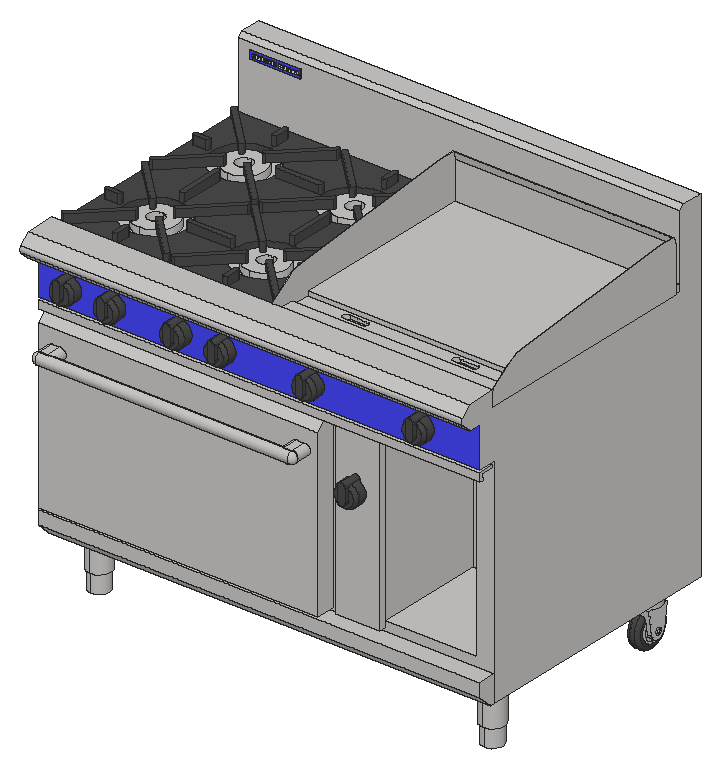
Revit family "QF_MOFFAT_BLUESEAL_CE_G58B", category Specialty Equipment, Revit 2012 (continued)
Automatic sketch dimensions
  plane 17 to curve 95 = 3.815 mm
  plane 17 to curve 87 = 3.815 mm
  plane 17 to curve 77 = 3.815 mm
  Extrusion 1 sketch curve to plane 22 = 0 mm
  Extrusion 1 sketch curve to plane 21 = 0 mm
  Extrusion 1 sketch curve to plane 1 "BACK" = 0 mm
  plane 22 to Extrusion 1 sketch curve = 2.93 mm
  plane 22 to Extrusion 1 sketch curve = 8.071 mm
  plane 22 to Extrusion 1 sketch curve = 35.224 mm
  Extrusion 1 sketch curve to Extrusion 1 sketch curve = 2.389 mm
  plane 22 to Extrusion 1 sketch curve = 44 mm  (x2)
  Extrusion 1 sketch curve to Extrusion 1 sketch curve = 8.776 mm
  Extrusion 1 sketch curve to plane 5 "FRONT" = 28.03 mm
  Extrusion 1 sketch curve to plane 5 "FRONT" = 27.03 mm
  Extrusion 1 sketch curve to plane 5 "FRONT" = 11.991 mm
  Extrusion 1 sketch curve to plane 5 "FRONT" = 3.51 mm  (x2)
  Extrusion 1 sketch curve to plane 22 = 1.8 mm
  Extrusion 1 sketch curve to Extrusion 1 sketch curve = 4.2 mm
  Extrusion 1 sketch curve to plane 21 = 12.5 mm
  Extrusion 1 sketch curve to plane 17 = 38 mm
  Extrusion 1 sketch curve to Extrusion 1 sketch curve = 12.5 mm
  Extrusion 1 sketch curve to Extrusion 1 sketch curve = 41.48 mm
  Extrusion 1 sketch curve to Extrusion 1 sketch curve = 23.52 mm
  plane 18 to Extrusion 1 sketch curve = 85 mm
  Extrusion 1 sketch curve to Extrusion 1 sketch curve = 5.997 mm
  Extrusion 1 sketch curve to Extrusion 1 sketch curve = 7.004 mm
  Extrusion 1 sketch curve to Extrusion 1 sketch curve = 16.999 mm
  level to Extrusion 1 sketch curve = 222.5 mm
  Extrusion 1 sketch curve to Extrusion 1 sketch curve = 36.5 mm
  Extrusion 1 sketch curve to Extrusion 1 sketch curve = 35.929 mm
  level to Extrusion 1 sketch curve = 150 mm
  Extrusion 1 sketch curve to Extrusion 1 sketch curve = 8.48 mm
  plane 22 to Extrusion 2 sketch curve = 44 mm
  plane 22 to Extrusion 2 sketch curve = 20 mm
  Extrusion 2 sketch curve to plane 22 = 6 mm
  level to Extrusion 2 sketch curve = 227.5 mm
  plane 18 to Extrusion 2 sketch curve = 21 mm
  plane 18 to Extrusion 2 sketch curve = 45 mm
  plane 22 to Extrusion 3 sketch curve = 9 mm
  Extrusion 3 sketch curve to plane 22 = 6 mm
  level to Extrusion 3 sketch curve = 227.5 mm
  plane 18 to Extrusion 3 sketch curve = 45 mm
  Revolve 4 sketch curve to level = 0 mm
  Revolve 4 sketch curve to plane 22 = 48.25 mm
  Revolve 4 sketch curve to Revolve 4 sketch curve = 4.25 mm
  Revolve 4 sketch curve to Revolve 4 sketch curve = 27.5 mm  (x2)
  level to Revolve 4 sketch curve = 50 mm
  Revolve 4 sketch curve to Revolve 4 sketch curve = 0 mm
  Revolve 4 sketch curve to Revolve 4 sketch curve = 100 mm
  Revolve 4 sketch curve to Revolve 4 sketch curve = 55 mm
  Revolve 5 sketch curve to level = 0 mm
  Revolve 5 sketch curve to plane 22 = 48.25 mm
  Revolve 5 sketch curve to Revolve 5 sketch curve = 4.25 mm
  Revolve 5 sketch curve to Revolve 5 sketch curve = 27.5 mm  (x2)
  Revolve 5 sketch curve to level = 55 mm
  Revolve 5 sketch curve to Revolve 5 sketch curve = 50 mm
  Revolve 5 sketch curve to Revolve 5 sketch curve = 0 mm
  Revolve 5 sketch curve to Revolve 5 sketch curve = 100 mm
  Extrusion 6 sketch curve to plane 17 = 0 mm
  plane 18 to Extrusion 7 sketch curve = 21 mm
  level to Extrusion 7 sketch curve = 246 mm
  plane 16 to Extrusion 7 sketch curve = 15.5 mm
  Extrusion 8 sketch curve to plane 7 "Center Y" = 0 mm
  plane 22 to Extrusion 8 sketch curve = 0 mm
  Extrusion 8 sketch curve to plane 22 = 3 mm  (x2)
  plane 10 to Extrusion 8 sketch curve = 36.504 mm  (x2)
  plane 12 to Extrusion 8 sketch curve = 67.472 mm  (x2)
  Extrusion 8 sketch curve to plane 17 = 42 mm  (x2)
  plane 3 "LEFT" to Extrusion 8 sketch curve = 4 mm
  plane 14 to Extrusion 8 sketch curve = 76 mm  (x2)
  Extrusion 8 sketch curve to plane 7 "Center Y" = 150 mm  (x2)
  Extrusion 9 sketch curve to plane 17 = 61.602 mm  (x3)
  plane 9 to Extrusion 9 sketch curve = 4.847 mm  (x4)
  Extrusion 9 sketch curve to Extrusion 9 sketch curve = 0 mm  (x8)
  Extrusion 9 sketch curve to plane 7 "Center Y" = 15.153 mm  (x3)
  plane 3 "LEFT" to Extrusion 9 sketch curve = 15.153 mm
  Extrusion 9 sketch curve to Extrusion 9 sketch curve = 4.525 mm  (x24)
  Extrusion 9 sketch curve to plane 17 = 67.398 mm  (x2)
  Extrusion 9 sketch curve to Extrusion 9 sketch curve = 36.204 mm  (x2)
  Extrusion 9 sketch curve to Extrusion 9 sketch curve = 65.923 mm  (x2)
  plane 3 "LEFT" to Extrusion 9 sketch curve = 16.591 mm  (x2)
  plane 12 to Extrusion 9 sketch curve = 74.863 mm
  Extrusion 9 sketch curve to plane 7 "Center Y" = 7.896 mm  (x2)
  plane 12 to Extrusion 9 sketch curve = 73.872 mm
  Extrusion 9 sketch curve to Extrusion 9 sketch curve = 20.524 mm  (x5)
  Extrusion 9 sketch curve to Extrusion 9 sketch curve = 6.4 mm  (x12)
  plane 12 to Extrusion 9 sketch curve = 40.548 mm  (x4)
  Extrusion 9 sketch curve to plane 12 = 24.426 mm  (x2)
  Extrusion 9 sketch curve to plane 13 = 7.374 mm  (x4)
  plane 8 "Center X" to Extrusion 9 sketch curve = 8.898 mm  (x4)
  plane 8 "Center X" to Extrusion 9 sketch curve = 4.372 mm  (x4)
  Extrusion 9 sketch curve to plane 8 "Center X" = 43.102 mm  (x2)
  Extrusion 9 sketch curve to Extrusion 9 sketch curve = 55.923 mm  (x4)
  plane 10 to Extrusion 9 sketch curve = 43.646 mm
  plane 10 to Extrusion 9 sketch curve = 43.172 mm  (x2)
  plane 10 to Extrusion 9 sketch curve = 9.848 mm  (x4)
  plane 10 to Extrusion 9 sketch curve = 5.323 mm  (x4)
  Extrusion 9 sketch curve to plane 10 = 65.126 mm  (x2)
  Extrusion 9 sketch curve to plane 22 = 32.653 mm  (x3)
  plane 3 "LEFT" to Extrusion 9 sketch curve = 6.102 mm  (x3)
  Extrusion 9 sketch curve to plane 7 "Center Y" = 6.102 mm
  Extrusion 9 sketch curve to plane 22 = 29.398 mm  (x2)
  Extrusion 9 sketch curve to plane 11 = 9.416 mm  (x2)
  plane 14 to Extrusion 9 sketch curve = 40.025 mm  (x4)
  plane 14 to Extrusion 9 sketch curve = 69.6 mm  (x2)
  Extrusion 9 sketch curve to Extrusion 9 sketch curve = 53.847 mm  (x8)
  Extrusion 9 sketch curve to plane 9 = 38.102 mm  (x2)
  Extrusion 9 sketch curve to Extrusion 9 sketch curve = 12.205 mm  (x4)
  plane 9 to Extrusion 9 sketch curve = 78.102 mm  (x2)
  Extrusion 9 sketch curve to Extrusion 9 sketch curve = 49.974 mm  (x2)
  Revolve 10 sketch curve to plane 5 "FRONT" = 19 mm
  Revolve 10 sketch curve to Revolve 10 sketch curve = 0 mm  (x2)
  Revolve 10 sketch curve to Revolve 10 sketch curve = 11 mm
  Revolve 10 sketch curve to Revolve 10 sketch curve = 12.7 mm
  Revolve 10 sketch curve to Revolve 10 sketch curve = 23 mm
  Revolve 10 sketch curve to Revolve 10 sketch curve = 10 mm
  plane 18 to Revolve 10 sketch curve = 141.882 mm
  Revolve 10 sketch curve to Revolve 10 sketch curve = 5 mm
  Revolve 10 sketch curve to Revolve 10 sketch curve = 26.651 mm
  Revolve 10 sketch curve to Revolve 10 sketch curve = 5.849 mm
  Revolve 11 sketch curve to plane 5 "FRONT" = 19 mm
  Revolve 11 sketch curve to Revolve 11 sketch curve = 0 mm  (x2)
  Revolve 11 sketch curve to Revolve 11 sketch curve = 11 mm
  Revolve 11 sketch curve to Revolve 11 sketch curve = 12.7 mm
  Revolve 11 sketch curve to Revolve 11 sketch curve = 23 mm
  Revolve 11 sketch curve to Revolve 11 sketch curve = 10 mm
  Revolve 11 sketch curve to plane 6 "TOP" = 140.618 mm
  Revolve 11 sketch curve to Revolve 11 sketch curve = 5.849 mm
  Revolve 11 sketch curve to Revolve 11 sketch curve = 27.5 mm
  Revolve 11 sketch curve to Revolve 11 sketch curve = 5 mm
  Revolve 12 sketch curve to plane 5 "FRONT" = 19 mm
  Revolve 12 sketch curve to Revolve 12 sketch curve = 0 mm  (x2)
  Revolve 12 sketch curve to Revolve 12 sketch curve = 11 mm
  Revolve 12 sketch curve to Revolve 12 sketch curve = 12.7 mm
  Revolve 12 sketch curve to Revolve 12 sketch curve = 23 mm
  Revolve 12 sketch curve to Revolve 12 sketch curve = 10 mm
  Revolve 12 sketch curve to plane 6 "TOP" = 140.618 mm
  Revolve 12 sketch curve to Revolve 12 sketch curve = 5.849 mm
  Revolve 12 sketch curve to Revolve 12 sketch curve = 27.5 mm
  Revolve 12 sketch curve to Revolve 12 sketch curve = 5 mm
  Revolve 13 sketch curve to plane 5 "FRONT" = 19 mm
  Revolve 13 sketch curve to Revolve 13 sketch curve = 0 mm  (x2)
  Revolve 13 sketch curve to Revolve 13 sketch curve = 11 mm
  Revolve 13 sketch curve to Revolve 13 sketch curve = 12.7 mm
  Revolve 13 sketch curve to Revolve 13 sketch curve = 23 mm
  Revolve 13 sketch curve to Revolve 13 sketch curve = 10 mm
  Revolve 13 sketch curve to plane 6 "TOP" = 140.618 mm
  Revolve 13 sketch curve to Revolve 13 sketch curve = 5.849 mm
  Revolve 13 sketch curve to Revolve 13 sketch curve = 27.5 mm
  Revolve 13 sketch curve to Revolve 13 sketch curve = 5 mm
  Revolve 14 sketch curve to plane 5 "FRONT" = 19 mm
  Revolve 14 sketch curve to Revolve 14 sketch curve = 0 mm  (x2)
  Revolve 14 sketch curve to Revolve 14 sketch curve = 11 mm
  Revolve 14 sketch curve to Revolve 14 sketch curve = 12.7 mm
  Revolve 14 sketch curve to Revolve 14 sketch curve = 23 mm
  Revolve 14 sketch curve to Revolve 14 sketch curve = 10 mm
  Revolve 14 sketch curve to plane 6 "TOP" = 140.618 mm
  Revolve 14 sketch curve to Revolve 14 sketch curve = 5.849 mm
  Revolve 14 sketch curve to Revolve 14 sketch curve = 27.5 mm
  Revolve 14 sketch curve to Revolve 14 sketch curve = 5 mm
  plane 14 to Extrusion 15 sketch curve = 26.156 mm
  Extrusion 15 sketch curve to Extrusion 15 sketch curve = 10 mm
  Extrusion 15 sketch curve to plane 6 "TOP" = 146.118 mm
  Extrusion 15 sketch curve to Extrusion 15 sketch curve = 35 mm
  Extrusion 16 sketch curve to plane 9 = 59.844 mm
  Extrusion 16 sketch curve to Extrusion 16 sketch curve = 10 mm
  Extrusion 16 sketch curve to plane 6 "TOP" = 146.118 mm
  Extrusion 16 sketch curve to Extrusion 16 sketch curve = 35 mm
  plane 9 to Extrusion 17 sketch curve = 120.132 mm
  Extrusion 17 sketch curve to Extrusion 17 sketch curve = 10 mm
  Extrusion 17 sketch curve to plane 6 "TOP" = 146.118 mm
  Extrusion 17 sketch curve to Extrusion 17 sketch curve = 35 mm
  Extrusion 18 sketch curve to plane 7 "Center Y" = 79.868 mm
  Extrusion 18 sketch curve to Extrusion 18 sketch curve = 10 mm
  Extrusion 18 sketch curve to plane 6 "TOP" = 146.118 mm
  Extrusion 18 sketch curve to Extrusion 18 sketch curve = 35 mm
  Extrusion 19 sketch curve to plane 6 "TOP" = 146.118 mm
  Extrusion 19 sketch curve to Extrusion 19 sketch curve = 35 mm
  plane 22 to Revolve 20 sketch curve = 53 mm
  Revolve 20 sketch curve to Revolve 20 sketch curve = 0 mm  (x2)
  Revolve 20 sketch curve to Revolve 20 sketch curve = 11 mm
  Revolve 20 sketch curve to Revolve 20 sketch curve = 12.7 mm
  plane 22 to Revolve 20 sketch curve = 19 mm
  plane 22 to Revolve 20 sketch curve = 9 mm
  Revolve 20 sketch curve to plane 18 = 104.368 mm
  Revolve 20 sketch curve to Revolve 20 sketch curve = 5 mm
  Revolve 20 sketch curve to Revolve 20 sketch curve = 26.651 mm
  Revolve 20 sketch curve to Revolve 20 sketch curve = 5.849 mm
  Extrusion 21 sketch curve to Extrusion 21 sketch curve = 10 mm
  Extrusion 21 sketch curve to plane 18 = 112.368 mm
  Extrusion 21 sketch curve to Extrusion 21 sketch curve = 35 mm
  Extrusion 22 sketch curve to Extrusion 2 = 0 mm  (x2)
  Extrusion 22 sketch curve to Extrusion 22 sketch curve = 469.847 mm
  Extrusion 23 sketch curve to plane 16 = 0.512 mm
  Extrusion 23 sketch curve to plane 17 = 6.76 mm
  Extrusion 23 sketch curve to plane 1 "BACK" = 30.24 mm
  Extrusion 23 sketch curve to plane 17 = 55.26 mm
  Extrusion 24 sketch curve to plane 11 = 1.472 mm
  Extrusion 24 sketch curve to plane 18 = 46.875 mm  (x2)
  Extrusion 24 sketch curve to Extrusion 24 sketch curve = 15 mm  (x2)
  Extrusion 24 sketch curve to Extrusion 24 sketch curve = 20.282 mm  (x2)
  Revolve 25 sketch curve to plane 3 "LEFT" = 6.961 mm
  plane 3 "LEFT" to Revolve 25 sketch curve = 23.246 mm
  Revolve 25 sketch curve to plane 18 = 16.875 mm
  Revolve 25 sketch curve to Revolve 25 sketch curve = 15 mm
  Revolve 25 sketch curve to plane 7 "Center Y" = 11.961 mm
  Revolve 25 sketch curve to Revolve 25 sketch curve = 0 mm
  Extrusion 26 sketch curve to Extrusion 26 sketch curve = 0 mm  (x8)
  plane 12 to Extrusion 26 sketch curve = 67.472 mm  (x2)
  plane 10 to Extrusion 26 sketch curve = 36.772 mm  (x2)
  plane 14 to Extrusion 26 sketch curve = 76 mm  (x2)
  Extrusion 26 sketch curve to plane 7 "Center Y" = 150 mm  (x2)
  Split face 1 sketch curve to cut or joined group of Extrusion 1, Extrusion 7, Extrusion 23 = 27.315 mm
  Split face 1 sketch curve to cut or joined group of Extrusion 1, Extrusion 7, Extrusion 23 = 273.455 mm
  Split face 1 sketch curve to cut or joined group of Extrusion 1, Extrusion 7, Extrusion 23 = 23.185 mm
  Split face 1 sketch curve to Split face 1 sketch curve = 4.041 mm  (x4)
  Split face 1 sketch curve to Split face 1 sketch curve = 8.66 mm  (x2)
  Split face 1 sketch curve to cut or joined group of Extrusion 1, Extrusion 7, Extrusion 23 = 22.315 mm
  Split face 1 sketch curve to cut or joined group of Extrusion 1, Extrusion 7, Extrusion 23 = 36.836 mm
  Split face 1 sketch curve to Split face 1 sketch curve = 17 mm
  Split face 1 sketch curve to Split face 1 sketch curve = 7 mm  (x2)
  Split face 2 sketch curve to cut or joined group of Extrusion 1, Extrusion 7, Extrusion 23 = 27.315 mm
  Split face 2 sketch curve to cut or joined group of Extrusion 1, Extrusion 7, Extrusion 23 = 573.455 mm
  Split face 2 sketch curve to cut or joined group of Extrusion 1, Extrusion 7, Extrusion 23 = 23.185 mm
  Split face 2 sketch curve to Split face 2 sketch curve = 4.041 mm  (x4)
  Split face 2 sketch curve to Split face 2 sketch curve = 8.66 mm  (x2)
  Split face 2 sketch curve to cut or joined group of Extrusion 1, Extrusion 7, Extrusion 23 = 22.315 mm
  Split face 2 sketch curve to Split face 2 sketch curve = 223.917 mm
  Split face 2 sketch curve to cut or joined group of Extrusion 1, Extrusion 7, Extrusion 23 = 17.315 mm
  Split face 2 sketch curve to Split face 2 sketch curve = 17 mm
  Split face 2 sketch curve to Split face 2 sketch curve = 7 mm
  Split face 3 sketch curve to cut or joined group of Extrusion 1, Extrusion 7, Extrusion 23 = 27.315 mm
  Split face 3 sketch curve to cut or joined group of Extrusion 1, Extrusion 7, Extrusion 23 = 326.545 mm
  Split face 3 sketch curve to cut or joined group of Extrusion 1, Extrusion 7, Extrusion 23 = 23.185 mm
  Split face 3 sketch curve to Split face 3 sketch curve = 4.041 mm  (x4)
  Split face 3 sketch curve to Split face 3 sketch curve = 8.66 mm  (x2)
  Split face 3 sketch curve to cut or joined group of Extrusion 1, Extrusion 7, Extrusion 23 = 22.315 mm
  Split face 3 sketch curve to Split face 3 sketch curve = 223.917 mm
  Split face 3 sketch curve to cut or joined group of Extrusion 1, Extrusion 7, Extrusion 23 = 17.315 mm
  Split face 3 sketch curve to Split face 3 sketch curve = 17 mm
  Split face 3 sketch curve to Split face 3 sketch curve = 7 mm
  Split face 4 sketch curve to cut or joined group of Extrusion 1, Extrusion 7, Extrusion 23 = 26.545 mm
  Split face 4 sketch curve to Split face 4 sketch curve = 4.041 mm  (x4)
  Split face 4 sketch curve to Split face 4 sketch curve = 8.66 mm  (x2)
  Split face 4 sketch curve to cut or joined group of Extrusion 1, Extrusion 7, Extrusion 23 = 22.315 mm
  Split face 4 sketch curve to Split face 4 sketch curve = 223.917 mm
  Split face 4 sketch curve to cut or joined group of Extrusion 1, Extrusion 7, Extrusion 23 = 17.315 mm
  Split face 4 sketch curve to Split face 4 sketch curve = 10 mm
  Split face 4 sketch curve to Split face 4 sketch curve = 7 mm  (x3)
  Extrusion 28 sketch curve to plane 17 = 99.75 mm
  Extrusion 28 sketch curve to Extrusion 28 sketch curve = 12.357 mm
  Extrusion 28 sketch curve to Extrusion 28 sketch curve = 19.393 mm  (x2)
  level to Extrusion 28 sketch curve = 45.111 mm
  Extrusion 28 sketch curve to plane 17 = 36.25 mm
  Extrusion 28 sketch curve to Extrusion 28 sketch curve = 4.889 mm
  Extrusion 28 sketch curve to Extrusion 28 sketch curve = 64.889 mm
  Revolve 29 sketch curve to plane 17 = 103.75 mm
  Revolve 29 sketch curve to plane 17 = 68 mm
  Revolve 29 sketch curve to Revolve 29 sketch curve = 35.75 mm
  Revolve 29 sketch curve to level = 55 mm
  level to Revolve 29 sketch curve = 50 mm
  Revolve 29 sketch curve to Revolve 29 sketch curve = 60 mm
  Revolve 29 sketch curve to Revolve 29 sketch curve = 40 mm
  Revolve 30 sketch curve to plane 17 = 103.75 mm
  Revolve 30 sketch curve to plane 17 = 68 mm
  Revolve 30 sketch curve to Revolve 30 sketch curve = 35.75 mm
  level to Revolve 30 sketch curve = 150 mm
  Revolve 30 sketch curve to Revolve 30 sketch curve = 40 mm
  level to Revolve 30 sketch curve = 50 mm
  Revolve 30 sketch curve to level = 55 mm
  Revolve 31 sketch curve to plane 16 = 34.382 mm
  Revolve 31 sketch curve to Revolve 31 sketch curve = 1.27 mm  (x4)
  Revolve 31 sketch curve to Revolve 31 sketch curve = 1.524 mm  (x2)
  Revolve 31 sketch curve to Revolve 31 sketch curve = 12.146 mm  (x2)
  Revolve 31 sketch curve to plane 16 = 16.68 mm
  Revolve 31 sketch curve to Revolve 31 sketch curve = 0.794 mm  (x2)
  Revolve 31 sketch curve to Revolve 31 sketch curve = 3.57 mm
  Revolve 31 sketch curve to Revolve 31 sketch curve = 2.143 mm
  Revolve 31 sketch curve to plane 16 = 6.361 mm
  plane 16 to Revolve 31 sketch curve = 5.13 mm
  plane 16 to Revolve 31 sketch curve = 6.339 mm
  plane 16 to Revolve 31 sketch curve = 14.515 mm
  Revolve 31 sketch curve to Revolve 31 sketch curve = 1.349 mm  (x2)
  Revolve 31 sketch curve to Revolve 31 sketch curve = 3.556 mm
  Revolve 31 sketch curve to plane 4 "RIGHT" = 2.18 mm
  level to Revolve 31 sketch curve = 50.8 mm
  Revolve 31 sketch curve to Revolve 31 sketch curve = 0 mm
  Revolve 31 sketch curve to Revolve 31 sketch curve = 3.505 mm  (x2)
  Revolve 31 sketch curve to Revolve 31 sketch curve = 3.447 mm  (x2)
  Revolve 31 sketch curve to Revolve 31 sketch curve = 9.964 mm
  Revolve 31 sketch curve to Revolve 31 sketch curve = 10.045 mm
  Revolve 31 sketch curve to Revolve 31 sketch curve = 2.053 mm
  Revolve 31 sketch curve to Revolve 31 sketch curve = 2.061 mm
  Revolve 31 sketch curve to Revolve 31 sketch curve = 8.247 mm
  Revolve 31 sketch curve to Revolve 31 sketch curve = 8.336 mm
  Revolve 31 sketch curve to Revolve 31 sketch curve = 6.35 mm  (x2)
  Extrusion 32 sketch curve to plane 17 = 99.75 mm
  Extrusion 32 sketch curve to Extrusion 32 sketch curve = 12.357 mm
  Extrusion 32 sketch curve to Extrusion 32 sketch curve = 19.393 mm  (x2)
  level to Extrusion 32 sketch curve = 45.111 mm
  Extrusion 32 sketch curve to plane 17 = 36.25 mm
  Extrusion 32 sketch curve to Extrusion 32 sketch curve = 4.889 mm
  Extrusion 32 sketch curve to Extrusion 32 sketch curve = 64.889 mm
  Revolve 33 sketch curve to level = 0 mm
  Revolve 33 sketch curve to plane 17 = 99.75 mm
  Revolve 33 sketch curve to Revolve 33 sketch curve = 4.25 mm
  Revolve 33 sketch curve to Revolve 33 sketch curve = 27.5 mm  (x2)
  Revolve 33 sketch curve to level = 55 mm
  Revolve 33 sketch curve to Revolve 33 sketch curve = 50 mm
  Revolve 33 sketch curve to Revolve 33 sketch curve = 0 mm
  Revolve 33 sketch curve to Revolve 33 sketch curve = 100 mm
  Revolve 34 sketch curve to level = 0 mm
  Revolve 34 sketch curve to plane 17 = 99.75 mm
  Revolve 34 sketch curve to Revolve 34 sketch curve = 4.25 mm
  Revolve 34 sketch curve to Revolve 34 sketch curve = 27.5 mm  (x2)
  level to Revolve 34 sketch curve = 50 mm
  Revolve 34 sketch curve to Revolve 34 sketch curve = 0 mm
  Revolve 34 sketch curve to Revolve 34 sketch curve = 100 mm
  Revolve 34 sketch curve to Revolve 34 sketch curve = 55 mm
  plane 14 to Revolve 35 sketch curve = 25.382 mm
  Revolve 35 sketch curve to Revolve 35 sketch curve = 1.27 mm  (x4)
  Revolve 35 sketch curve to Revolve 35 sketch curve = 1.524 mm  (x2)
  plane 14 to Revolve 35 sketch curve = 10.442 mm
  plane 14 to Revolve 35 sketch curve = 7.68 mm
  Revolve 35 sketch curve to Revolve 35 sketch curve = 0.794 mm  (x2)
  Revolve 35 sketch curve to Revolve 35 sketch curve = 3.57 mm
  Revolve 35 sketch curve to Revolve 35 sketch curve = 2.143 mm
  Revolve 35 sketch curve to plane 14 = 2.639 mm
  Revolve 35 sketch curve to plane 11 = 0.13 mm
  Revolve 35 sketch curve to plane 11 = 1.339 mm
  Revolve 35 sketch curve to plane 11 = 9.515 mm
  Revolve 35 sketch curve to Revolve 35 sketch curve = 1.349 mm  (x2)
  Revolve 35 sketch curve to Revolve 35 sketch curve = 3.556 mm
  Revolve 35 sketch curve to Revolve 35 sketch curve = 12.146 mm
  Revolve 35 sketch curve to plane 3 "LEFT" = 2.68 mm
  level to Revolve 35 sketch curve = 101.6 mm
  Revolve 35 sketch curve to Revolve 35 sketch curve = 6.35 mm  (x4)
  Revolve 35 sketch curve to Revolve 35 sketch curve = 8.247 mm
  Revolve 35 sketch curve to Revolve 35 sketch curve = 8.336 mm
  Revolve 35 sketch curve to Revolve 35 sketch curve = 2.061 mm
  Revolve 35 sketch curve to Revolve 35 sketch curve = 2.053 mm
  Revolve 35 sketch curve to Revolve 35 sketch curve = 10.045 mm
  Revolve 35 sketch curve to Revolve 35 sketch curve = 9.964 mm
  Revolve 35 sketch curve to Revolve 35 sketch curve = 3.447 mm  (x2)
  Revolve 35 sketch curve to Revolve 35 sketch curve = 3.505 mm
  Revolve 36 sketch curve to plane 5 "FRONT" = 19 mm
  Revolve 36 sketch curve to Revolve 36 sketch curve = 0 mm  (x2)
  Revolve 36 sketch curve to Revolve 36 sketch curve = 11 mm
  Revolve 36 sketch curve to Revolve 36 sketch curve = 12.7 mm
  Revolve 36 sketch curve to Revolve 36 sketch curve = 23 mm
  Revolve 36 sketch curve to Revolve 36 sketch curve = 10 mm
  plane 18 to Revolve 36 sketch curve = 141.882 mm
  Revolve 36 sketch curve to Revolve 36 sketch curve = 5 mm
  Revolve 36 sketch curve to Revolve 36 sketch curve = 26.651 mm
  Revolve 36 sketch curve to Revolve 36 sketch curve = 5.849 mm
  Extrusion 37 sketch curve to plane 6 "TOP" = 146.118 mm
  Extrusion 37 sketch curve to Extrusion 37 sketch curve = 35 mm
  Extrusion 6 sketch curve to plane 16 = 64.5 mm
  Extrusion 23 sketch curve to Extrusion 23 sketch curve = 81 mm
  Extrusion 23 sketch curve to Extrusion 23 sketch curve = 48.5 mm
  Extrusion 37 sketch curve to plane 16 = 75.106 mm
  Extrusion 37 sketch curve to Extrusion 37 sketch curve = 10 mm
  plane 7 "Center Y" to curve 10 = 118.108 mm
  curve 10 to curve 11 = 25.191 mm
  curve 11 to curve 49 = 16.7 mm
  curve 83 to curve 79 = 223.917 mm
  Extrusion 7 sketch curve to plane 16 = 234.5 mm
  plane 7 "Center Y" to Extrusion 19 sketch curve = 159.62 mm
  Extrusion 19 sketch curve to Extrusion 19 sketch curve = 10 mm
  plane 7 "Center Y" to Extrusion 21 sketch curve = 227.344 mm
  plane 7 "Center Y" to Extrusion 24 sketch curve = 102.757 mm
  plane 7 "Center Y" to Revolve 25 sketch curve = 123.039 mm
  radius of Extrusion 6 sketch curve = 10 mm
  radius of Extrusion 8 sketch curve = 85 mm  (x4)
  radius of Extrusion 26 sketch curve = 57 mm  (x4)
  radius of Extrusion 26 sketch curve = 22 mm  (x4)
  radius of Extrusion 27 sketch curve = 6.35 mm
Nested families
  nested 1: "WALDORF LOGO_FACE BASE" at (32, -70, 1056.385) x (1, 0, 0) z (0, -1, 0), visible <- "Show Logo", type "WALDORF LOGO_FACE BASE", detail levels medium+fine
    with Show Logo yes
  nested 2: "GAS GRIDDLE PLATE 600" at (600, -85, 874.5), type "GAS GRIDDLE PLATE 600"
    with Width 600 mm, Type Mark "", Status "", Specification by User "", Revision Code "", Item Number "", Installed By "", Identify Quantity as Lot yes, Furnished By "", Foodservice Equipment Identifier yes, Depth 620 mm
Connectors
  piping at (1070, -32, 655)
    settings: on Extrusion 6, index 4, connector radius 0.37402", flow factor 0, pipe flow 0 GPM, pressure drop 0.00 psi, fitting loss kfactor 0, connector angle 0.00°, fixture units 0, engagement length 0 mm, flow configuration 1, flow direction 1, fitting loss method 0, system type 7, joint type 0, gender type 0, connector reference index -1, connector utility 0, adjustable connector no, is connector primary yes, fitting loss table "", connector description "GAS CONNECTION"
  electrical at (826, -501, 148.072), driven by "Volts", driven by "Watts"
    settings: on Extrusion 27, index 5, voltage 230 V, apparent load 130 VA, apparent load phase1 0 VA, apparent load phase2 0 VA, apparent load phase3 0 VA, power factor 1, load classification "Other", number of poles 1, system type 30, power factor state 1, is connector primary yes, connector utility no, sub classification motor no, connector description "ELECTRICAL CONNECTION"
Definition of nested family "WALDORF LOGO_FACE BASE"
  Parameters (values of type "WALDORF LOGO_FACE BASE")
    Show Logo [instance] = yes
    Default Elevation = 1219.2 mm
  Reference planes
    plane 1 "Center (Front/Back)": y = 0
    plane 2: z = 0
    plane 3 "Center (Left/Right)": x = 0
  Forms (mm)
    Extrusion 1, solid
      sketch origin (0, 0, 0) x (1, 0, 0) y (0, 1, 0)
        loop
          line (-1219.2, 1219.2) -> (-1219.2, -1219.2) -> (1219.2, -1219.2) -> (1219.2, 1219.2) -> (-1219.2, 1219.2)
      from 0 to -304.8
    Extrusion 2, solid, material "QF_Finishes_Blue", visible <- "Show Logo"
      sketch origin (0, -33.217, 0) x (1, 0, 0) y (0, 1, 0)
        loop
          arc (138, 31.942) -> (137.626, 32.844) -> (136.724, 33.217) r 1.276
          line (136.724, 33.217) -> (1.29, 33.217)
          arc (1.29, 33.217) -> (0.378, 32.839) -> (0, 31.927) r 1.29
          line (0, 31.927) -> (0, 11.507)
          arc (0, 11.507) -> (0.378, 10.595) -> (1.29, 10.217) r 1.29
          line (1.29, 10.217) -> (136.71, 10.217)
          arc (136.71, 10.217) -> (137.622, 10.595) -> (138, 11.507) r 1.29
          line (138, 11.507) -> (138, 31.942)
      from 0 to 1.588
    Extrusion 3, solid, material "QF_Finishes_White", visible <- "Show Logo"
      sketch origin (0, -33.217, 1.588) x (1, 0, 0) y (0, 1, 0)
        loop
          arc (108.946, 25.919) -> (107.613, 25.367) -> (107.061, 24.034) r 1.885
          line (107.061, 24.034) -> (107.061, 17.211) -> (112.704, 17.211) -> (112.704, 19.129) -> (115.546, 19.129) -> (115.546, 17.211) -> (121.584, 17.211) -> (121.584, 24.075)
          arc (121.584, 24.075) -> (121.043, 25.379) -> (119.739, 25.919) r 1.845
          line (119.739, 25.919) -> (108.946, 25.919)
        loop
          line (123.478, 25.919) -> (123.478, 17.163) -> (134.904, 17.163) -> (134.904, 19.129) -> (129.246, 19.129) -> (129.246, 25.919) -> (123.478, 25.919)
        loop
          line (112.704, 21.258) -> (115.546, 21.258) -> (115.546, 22.702)
          arc (115.546, 22.702) -> (115.344, 23.188) -> (114.858, 23.389) r 0.687
          line (114.858, 23.389) -> (113.363, 23.389)
          arc (113.363, 23.389) -> (112.897, 23.196) -> (112.704, 22.73) r 0.658
          line (112.704, 22.73) -> (112.704, 21.258)
        loop
          line (105.071, 25.919) -> (93.771, 25.919) -> (93.771, 17.163) -> (105.071, 17.163) -> (105.071, 19.063) -> (99.535, 19.063) -> (99.535, 20.437) -> (105.071, 20.437) -> (105.071, 22.278) -> (99.535, 22.278) -> (99.535, 23.587) -> (105.071, 23.587) -> (105.071, 25.919)
        loop
          line (91.104, 25.919) -> (79.541, 25.919)
          arc (79.541, 25.919) -> (78.558, 25.513) -> (78.152, 24.53) r 1.389
          line (78.152, 24.53) -> (78.152, 22.08)
          arc (78.152, 22.08) -> (78.558, 21.098) -> (79.541, 20.691) r 1.389
          line (79.541, 20.691) -> (86.346, 20.691) -> (86.346, 18.864) -> (83.266, 18.864) -> (83.266, 19.664) -> (78.152, 19.664) -> (78.152, 18.553)
          arc (78.152, 18.553) -> (78.558, 17.57) -> (79.541, 17.163) r 1.389
          line (79.541, 17.163) -> (91.063, 17.163)
          arc (91.063, 17.163) -> (92.045, 17.57) -> (92.452, 18.553) r 1.389
          line (92.452, 18.553) -> (92.452, 20.691)
          arc (92.452, 20.691) -> (92.045, 21.673) -> (91.063, 22.08) r 1.389
          line (91.063, 22.08) -> (83.266, 22.08) -> (83.266, 23.984) -> (86.346, 23.984) -> (86.346, 22.743) -> (92.452, 22.743) -> (92.452, 24.571)
          arc (92.452, 24.571) -> (92.057, 25.524) -> (91.104, 25.919) r 1.348
        loop
          line (70.705, 25.919) -> (59.405, 25.919) -> (59.405, 17.163) -> (70.705, 17.163) -> (70.705, 19.063) -> (65.169, 19.063) -> (65.169, 20.437) -> (70.705, 20.437) -> (70.705, 22.278) -> (65.169, 22.278) -> (65.169, 23.587) -> (70.705, 23.587) -> (70.705, 25.919)
        loop
          line (57.598, 25.919) -> (51.7, 25.919) -> (51.7, 20.18)
          arc (51.7, 20.18) -> (50.63, 19.11) -> (49.56, 20.18) r 1.07
          line (49.56, 20.18) -> (49.56, 25.919) -> (43.663, 25.919) -> (43.663, 19.049)
          arc (43.663, 19.049) -> (44.215, 17.716) -> (45.548, 17.163) r 1.885
          line (45.548, 17.163) -> (55.71, 17.163)
          arc (55.71, 17.163) -> (57.045, 17.716) -> (57.598, 19.051) r 1.887
          line (57.598, 19.051) -> (57.598, 25.919)
        loop
          line (31.62, 25.919) -> (31.62, 17.163) -> (43.046, 17.163) -> (43.046, 19.129) -> (37.388, 19.129) -> (37.388, 25.919) -> (31.62, 25.919)
        loop
          line (15.969, 25.919) -> (15.969, 17.163) -> (28.693, 17.163)
          arc (28.693, 17.163) -> (29.812, 17.627) -> (30.276, 18.746) r 1.582
          line (30.276, 18.746) -> (30.276, 20.447) -> (29.48, 21.243) -> (30.276, 22.039) -> (30.276, 24.332)
          arc (30.276, 24.332) -> (29.811, 25.454) -> (28.688, 25.919) r 1.587
          line (28.688, 25.919) -> (15.969, 25.919)
        loop
          line (21.449, 24.159) -> (21.449, 22.436) -> (23.862, 22.436)
          arc (23.862, 22.436) -> (24.723, 23.298) -> (23.862, 24.159) r 0.861
          line (23.862, 24.159) -> (21.449, 24.159)
        loop
          line (21.449, 20.244) -> (21.449, 18.522) -> (23.862, 18.522)
          arc (23.862, 18.522) -> (24.723, 19.383) -> (23.862, 20.244) r 0.861
          line (23.862, 20.244) -> (21.449, 20.244)
      from 0 to 0.2
    Extrusion 4, solid, material "QF_Finishes_Blue", visible <- "Show Logo"
      sketch origin (-126.498, -31.09, 1.588) x (1, 0, 0) y (0, 1, 0)
        loop
          line (136.738, 23.522) -> (136.738, 15.1)
          arc (136.738, 15.1) -> (140.756, 19.311) -> (136.738, 23.522) r 4.216
      from 0 to 0.2
    Extrusion 5, solid, material "QF_Finishes_Red", visible <- "Show Logo"
      sketch origin (146.849, -31.09, 1.588) x (-1, 0, 0) y (0, -1, 0)
        loop
          arc (136.738, -23.522) -> (140.756, -19.311) -> (136.738, -15.1) r 4.216
          line (136.738, -15.1) -> (136.738, -23.522)
      from 0 to 0.2
  Lines and regions (mm)
    Split face 1
      outline origin (-90.35, -30.793, 1.588) x (1, 0, 0) y (0, 1, 0)
        loop
          circle (100.54, 19.013) r 4.536
  Dimensions and locks
    aligned and locked: plane 2 to Extrusion 1
    aligned and locked: level to Extrusion 1
Definition of nested family "GAS GRIDDLE PLATE 600"
  Parameters (values of type "GAS GRIDDLE PLATE 600")
    Width [instance] = 600 mm
    Weight in Pounds = 0
    URL Cutsheet = ""
    Type Mark [instance] = ""
    Status [instance] = ""
    Specification by User [instance] = ""
    Specification by Manufacturer = ""
    Serial Number = ""
    Seismic Rating = ""
    SMACNA No = ""
    Revision Code [instance] = ""
    Omniclass Number and Title = ""
    NAFEM Spec ID Number = ""
    Masterspec = ""
    Item Number [instance] = ""
    Installed By [instance] = ""
    Identify Quantity as Lot [instance] = yes
    Furnished By [instance] = ""
    Foodservice Equipment Identifier [instance] = yes
    Depth [instance] = 620 mm
    CSI MasterFormat = ""
    CSI Master Format = ""
  Reference planes
    plane 1 "BACK": y = 0
    plane 2: z = 0
    plane 3 "LEFT": x = 0
    plane 4 "RIGHT": x = 600
    plane 5 "FRONT": y = -620
    plane 6 "TOP": z = 142.5
    plane 7 "Center Y": x = 300
    plane 8 "Center X": y = -310
    plane 9: y = -530.997
    plane 10: y = -541.497
    plane 11: y = -503.25
    plane 12: y = -557.737
  Forms (mm)
    Extrusion 1, solid, material "QF_Finishes_Stainless Steel"
      sketch origin (0, 70.003, -874.5) x (0, 1, 0) y (0, 0, 1)
        loop
          line (-70, 875) -> (-70, 997.489) -> (-75.228, 1017) -> (-117.24, 1017) -> (-589.533, 971.523)
          arc (-589.533, 971.523) -> (-614.56, 965.803) -> (-637.306, 953.899) r 100
          line (-637.306, 953.899) -> (-690.003, 917) -> (-690.003, 875) -> (-70, 875)
      from 0 to 1.8
    Extrusion 2, solid, material "QF_Finishes_Stainless Steel"
      sketch origin (600, 70.003, -874.5) x (0, -1, 0) y (0, 0, 1)
        loop
          line (70, 875) -> (690.003, 875) -> (690.003, 917) -> (637.306, 953.899)
          arc (637.306, 953.899) -> (614.56, 965.803) -> (589.533, 971.523) r 100
          line (589.533, 971.523) -> (117.24, 1017) -> (75.228, 1017) -> (70, 997.489) -> (70, 875)
      from 0 to 1.2
    Extrusion 3, solid, material "QF_Finishes_Stainless Steel"
      sketch origin (150, 70.003, -874.5) x (0, 1, 0) y (0, 0, 1)
        loop
          line (-55, 895) -> (-573.253, 895) -> (-573.253, 884.5) -> (-627.74, 884.5) -> (-627.74, 895) -> (-690.003, 895) -> (-690.003, 875) -> (-55, 875) -> (-55, 895)
      from -148.2 to 448.8
    Extrusion 4, void
      sketch origin (150, -541.497, 10) x (0, -1, 0) y (1, 0, 0)
        loop
          arc (-7.497, 25.113) -> (-17.497, 35.113) -> (-27.497, 25.113) r 10
          line (-27.497, 25.113) -> (-27.497, -24.887)
          arc (-27.497, -24.887) -> (-17.497, -34.887) -> (-7.497, -24.887) r 10
          line (-7.497, -24.887) -> (-7.497, 25.113)
        loop
          line (-7.497, 274.887) -> (-7.497, 324.887)
          arc (-7.497, 324.887) -> (-17.497, 334.887) -> (-27.497, 324.887) r 10
          line (-27.497, 324.887) -> (-27.497, 274.887)
          arc (-27.497, 274.887) -> (-17.497, 264.887) -> (-7.497, 274.887) r 10
      from -41.4 to 40.142
    Extrusion 5, solid, material "QF_Finishes_Stainless Steel"
      sketch origin (0, 70.003, -874.5) x (0, 1, 0) y (0, 0, 1)
        loop
          line (-70, 875) -> (-70, 997.489) -> (-75.228, 1017) -> (-76.884, 1017) -> (-71.6, 997.278) -> (-71.6, 875) -> (-70, 875)
      from 0 to 598.8
  Cuts and joins
    Extrusion 4 cuts Extrusion 3
    joined: Extrusion 1, Extrusion 2, Extrusion 3, Extrusion 5
  Lines and regions (mm)
    symbolic lines
      curve 1: line (600, -503.25, 0) -> (0, -503.25, 0)
      curve 2: line (0, -557.737, 0) -> (600, -557.737, 0)
      curve 3: line (0, -1.68, 0) -> (600, -1.68, 0)
      curve 4: line (600, -1.68, 0) -> (600, -620, 0)
      curve 5: line (0, -620, 0) -> (0, -1.68, 0)
      curve 6: line (0, -620, 0) -> (600, -620, 0)
      curve 7: arc (175.113, -534, 0) -> (185.113, -524, 0) -> (175.113, -514, 0) r 10
      curve 8: line (175.113, -514, 0) -> (125.113, -514, 0)
      curve 9: arc (125.113, -514, 0) -> (115.113, -524, 0) -> (125.113, -534, 0) r 10
      curve 10: line (125.113, -534, 0) -> (175.113, -534, 0)
      curve 11: arc (424.887, -534, 0) -> (414.887, -524, 0) -> (424.887, -514, 0) r 10
      curve 12: line (424.887, -514, 0) -> (474.887, -514, 0)
      curve 13: arc (474.887, -514, 0) -> (484.887, -524, 0) -> (474.887, -534, 0) r 10
      curve 14: line (474.887, -534, 0) -> (424.887, -534, 0)
  Dimensions and locks
    equal spacing: plane 3 "LEFT", plane 7 "Center Y", plane 4 "RIGHT"
    "Width": plane 3 "LEFT" to plane 4 "RIGHT"
    equal spacing: plane 5 "FRONT", plane 8 "Center X", plane 1 "BACK"
    "Depth": plane 5 "FRONT" to plane 1 "BACK"
    locked: Extrusion 2 to Extrusion 2 at 1.2
    aligned and locked: level to plane 2
    aligned and locked: Extrusion 2 to plane 4 "RIGHT"
    aligned and locked: curve 1 to plane 11
    aligned and locked: plane 12 to curve 2
    aligned and locked: Extrusion 5 to cut or joined group of Extrusion 1, Extrusion 2, Extrusion 3, Extrusion 4, Extrusion 5
  Automatic sketch dimensions
    Extrusion 1 sketch curve to plane 5 "FRONT" = 0 mm
    Extrusion 1 sketch curve to plane 6 "TOP" = 0 mm
    plane 12 to Extrusion 1 sketch curve = 9.566 mm
    plane 11 to Extrusion 1 sketch curve = 16.28 mm
    Extrusion 1 sketch curve to level = 2.516 mm
    plane 11 to Extrusion 1 sketch curve = 6.695 mm
    plane 1 "BACK" to Extrusion 1 sketch curve = 47.237 mm
    plane 1 "BACK" to Extrusion 1 sketch curve = 5.225 mm
    Extrusion 1 sketch curve to plane 1 "BACK" = 0.003 mm
    level to Extrusion 1 sketch curve = 0.5 mm
    Extrusion 1 sketch curve to Extrusion 1 sketch curve = 42 mm
    Extrusion 1 sketch curve to plane 6 "TOP" = 63.101 mm
    Extrusion 1 sketch curve to plane 6 "TOP" = 19.511 mm
    Extrusion 2 sketch curve to plane 6 "TOP" = 0 mm
    Extrusion 2 sketch curve to plane 5 "FRONT" = 0 mm
    plane 12 to Extrusion 2 sketch curve = 9.566 mm
    plane 11 to Extrusion 2 sketch curve = 16.28 mm
    Extrusion 2 sketch curve to level = 2.516 mm
    plane 11 to Extrusion 2 sketch curve = 6.695 mm
    plane 1 "BACK" to Extrusion 2 sketch curve = 47.237 mm
    plane 1 "BACK" to Extrusion 2 sketch curve = 5.225 mm
    Extrusion 2 sketch curve to plane 1 "BACK" = 0.003 mm
    level to Extrusion 2 sketch curve = 0.5 mm
    Extrusion 2 sketch curve to Extrusion 2 sketch curve = 42 mm
    Extrusion 2 sketch curve to plane 6 "TOP" = 63.101 mm
    Extrusion 2 sketch curve to plane 6 "TOP" = 19.511 mm
    Extrusion 3 sketch curve to plane 5 "FRONT" = 0 mm
    Extrusion 3 sketch curve to plane 12 = 0 mm
    Extrusion 3 sketch curve to plane 11 = 0 mm
    Extrusion 3 sketch curve to plane 1 "BACK" = 15.003 mm
    level to Extrusion 3 sketch curve = 0.5 mm
    level to Extrusion 3 sketch curve = 10 mm
    Extrusion 3 sketch curve to Extrusion 3 sketch curve = 10.5 mm  (x2)
    plane 1 "BACK" to Extrusion 5 sketch curve = 5.225 mm
    Extrusion 5 sketch curve to plane 1 "BACK" = 0.003 mm
    Extrusion 5 sketch curve to plane 6 "TOP" = 19.511 mm
    Extrusion 5 sketch curve to Extrusion 5 sketch curve = 1.6 mm
    Extrusion 5 sketch curve to Extrusion 5 sketch curve = 0.211 mm
    Extrusion 5 sketch curve to plane 6 "TOP" = 0 mm
    Extrusion 5 sketch curve to Extrusion 5 sketch curve = 1.656 mm
    level to Extrusion 5 sketch curve = 0.5 mm
    plane 11 to Extrusion 4 sketch curve = 10.75 mm  (x2)
    Extrusion 4 sketch curve to Extrusion 4 sketch curve = 10 mm  (x2)
    plane 3 "LEFT" to Extrusion 4 sketch curve = 125.113 mm
    Extrusion 4 sketch curve to Extrusion 4 sketch curve = 50 mm  (x2)
    plane 7 "Center Y" to Extrusion 4 sketch curve = 124.887 mm
    curve 6 to plane 3 "LEFT" = 0 mm
    curve 3 to plane 4 "RIGHT" = 0 mm
    plane 5 "FRONT" to curve 6 = 0 mm
    plane 11 to curve 8 = 10.75 mm
    plane 3 "LEFT" to curve 8 = 125.113 mm
    curve 10 to plane 12 = 23.737 mm
    curve 9 to curve 10 = 50 mm
    curve 11 to plane 12 = 23.737 mm
    plane 7 "Center Y" to curve 11 = 124.887 mm
    plane 11 to curve 12 = 10.75 mm
    curve 12 to curve 12 = 50 mm
    plane 1 "BACK" to curve 3 = 1.68 mm
